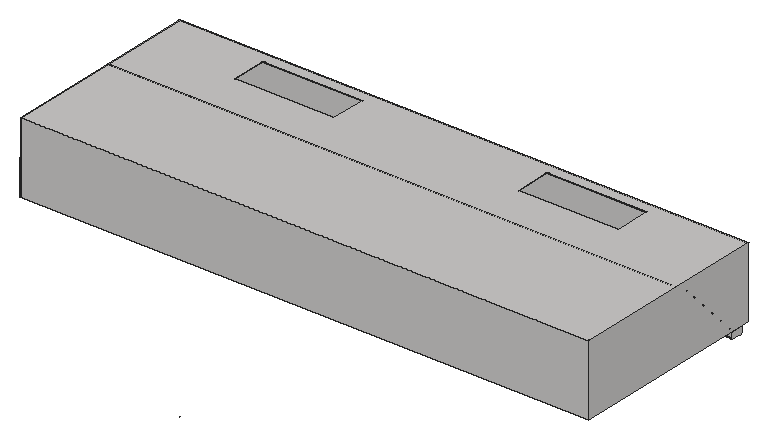
Revit family "QF_ELECTROLUXPROFESSIONAL_642029_EP1440T", category Specialty Equipment, Revit 2014
Reference planes
  plane 1: z = 0
  plane 2 "Center (Left/Right)": x = 150
  plane 3 "LEFT": x = -1850
  plane 4 "RIGHT": x = 2150
  plane 5 "BACK": y = 550
  plane 6 "TOP": z = 2500
  plane 7 "Base": z = 2000
  plane 8: z = 1926
  plane 9 "DrainY": y = 485
  plane 10: x = -1847
  plane 11: through (0, 414.509, 2000.8) normal (0, 0.7314, 0.682)
  plane 12: y = 470
  plane 13: y = 220
  plane 14 "DrainX": x = 2030
  plane 15: x = -500
  plane 16: x = 800
  plane 17: x = -1200
  plane 18: x = 1500
  plane 19: x = 2147
  plane 20: x = 1940
  plane 21: x = 2120
  plane 22: x = -1810
  plane 23: x = -1445
  plane 24: x = -1050
  plane 25: x = 2110
  plane 26: x = 1745
  plane 27: x = 1350
  plane 28: x = -47.5
  plane 29: x = 347.5
  plane 30: y = -850
  plane 31: y = -150
Forms (mm)
  Extrusion 1, solid, material "QF_Finishes_Stainless Steel"
    sketch origin (-1850, 0, 360) x (0, 1, 0) y (0, 0, 1)
      loop
        line (550, 1640) -> (550, 2140) -> (-850, 2140) -> (-850, 1640) -> (550, 1640)
    from 0 to 3
  Extrusion 2, solid, material "QF_Finishes_Stainless Steel"
    sketch origin (150, 0, 360) x (0, 1, 0) y (0, 0, 1)
      loop
        line (415.255, 1640) -> (550, 1640) -> (550, 2139.19) -> (549.2, 2139.19) -> (549.2, 1640.8) -> (415.876, 1640.8) -> (339.347, 1722.867) -> (349.609, 1732.436) -> (348.927, 1733.167) -> (337.934, 1722.917) -> (415.255, 1640)
      loop
        line (-82.203, 2139.19) -> (-82.203, 2118.6) -> (-31.047, 2118.6) -> (34.354, 2048.466) -> (46.028, 2059.352) -> (45.346, 2060.083) -> (34.403, 2049.879) -> (-30.612, 2119.6) -> (-81.203, 2119.6) -> (-81.203, 2139.19) -> (-82.203, 2139.19)
    from -1997 to 1997
  Extrusion 3, solid, material "QF_Finishes_Stainless Steel"
    sketch origin (2150, 0, 360) x (0, 1, 0) y (0, 0, 1)
      loop
        line (550, 1640) -> (550, 2140) -> (-850, 2140) -> (-850, 1640) -> (550, 1640)
    from 0 to -3
  Extrusion 4, solid, material "QF_Finishes_Stainless Steel"
    sketch origin (150, 0, 360) x (0, 1, 0) y (0, 0, 1)
      loop
        line (-850, 2140) -> (-850, 1640) -> (-849.2, 1640) -> (-849.2, 2139.19) -> (550, 2139.19) -> (550, 2140) -> (-850, 2140)
    from -2000 to 2000
  Extrusion 5, solid, material "QF_Finishes_Stainless Steel"
    sketch origin (150, 0, 360) x (0, 1, 0) y (0, 0, 1)
      loop
        line (534, 1640) -> (436, 1640) -> (436, 1627) -> (443.5, 1627) -> (443.5, 1576)
        arc (443.5, 1576) -> (446.429, 1568.929) -> (453.5, 1566) r 10
        line (453.5, 1566) -> (516.5, 1566)
        arc (516.5, 1566) -> (523.571, 1568.929) -> (526.5, 1576) r 10
        line (526.5, 1576) -> (526.5, 1627) -> (534, 1627) -> (534, 1640)
    from 1790 to 1970
  Extrusion 6, solid, material "QF_Finishes_Stainless Steel"
    sketch origin (0, 0, 2000) x (0, 1, 0) y (-1, 0, 0)
      loop
        circle (485, -2030) r 20
    from -76 to -74
  Extrusion 7, solid, material "QF_Finished_Chrome"
    sketch origin (150, 0, 360) x (0, 1, 0) y (0, 0, 1)
      loop
        line (337.934, 1722.917) -> (341.591, 1726.327) -> (38.011, 2051.876) -> (34.354, 2048.466) -> (337.934, 1722.917)
    from -1595 to -1960
  Extrusion 8, solid, material "QF_Finished_Chrome"
    sketch origin (150, 0, 360) x (0, 1, 0) y (0, 0, 1)
      loop
        line (337.934, 1722.917) -> (341.591, 1726.327) -> (38.011, 2051.876) -> (34.354, 2048.466) -> (337.934, 1722.917)
    from -197.5 to -1200
  Extrusion 9, solid, material "QF_Finishes_Stainless Steel"
    sketch origin (150, 0, 360) x (0, 1, 0) y (0, 0, 1)
      loop
        line (337.934, 1722.917) -> (341.591, 1726.327) -> (38.011, 2051.876) -> (34.354, 2048.466) -> (337.934, 1722.917)
    from 1997 to 1960
  Extrusion 10, solid, material "QF_Finishes_Stainless Steel"
    sketch origin (150, 0, 360) x (0, 1, 0) y (0, 0, 1)
      loop
        line (341.588, 1726.324) -> (38.009, 2051.874) -> (34.354, 2048.466) -> (337.934, 1722.917) -> (341.588, 1726.324)
    from -1595 to -1200
  Extrusion 11, solid, material "QF_Finished_Chrome"
    sketch origin (150, 0, 360) x (0, 1, 0) y (0, 0, 1)
      loop
        line (341.588, 1726.324) -> (38.009, 2051.874) -> (34.354, 2048.466) -> (337.934, 1722.917) -> (341.588, 1726.324)
    from 1595 to 1960
  Extrusion 12, void
    sketch origin (0, 0, 2500) x (0, 1, 0) y (-1, 0, 0)
      loop
        line (470, 1200) -> (220, 1200) -> (220, 500) -> (470, 500) -> (470, 1200)
    from 0 to -10
  Extrusion 13, void
    sketch origin (940, 0, 2500) x (0, 1, 0) y (-1, 0, 0)
      loop
        line (470, 140) -> (220, 140) -> (220, -560) -> (470, -560) -> (470, 140)
    from 0 to -10
  Extrusion 14, solid, material "QF_Finishes_Stainless Steel"
    sketch origin (0, 0, 0) x (1, 0, 0) y (0, 1, 0)
      loop
        line (-1850, 550) -> (-1850, 549) -> (-1849, 549) -> (-1849, 550) -> (-1850, 550)
    from 0 to 1
  Extrusion 15, solid, material "QF_Finishes_Stainless Steel"
    sketch origin (150, 0, 360) x (0, 1, 0) y (0, 0, 1)
      loop
        line (337.934, 1722.917) -> (341.591, 1726.327) -> (38.011, 2051.876) -> (34.354, 2048.466) -> (337.934, 1722.917)
    from -1960 to -1997
  Extrusion 16, solid, material "QF_Finishes_Stainless Steel"
    sketch origin (150, 0, 360) x (0, 1, 0) y (0, 0, -1)
      loop
        line (341.588, -1726.324) -> (337.934, -1722.917) -> (34.354, -2048.466) -> (38.009, -2051.874) -> (341.588, -1726.324)
    from -1595 to -1200
  Extrusion 17, solid, material "QF_Finished_Chrome"
    sketch origin (150, 0, 360) x (0, 1, 0) y (0, 0, 1)
      loop
        line (337.934, 1722.917) -> (341.591, 1726.327) -> (38.011, 2051.876) -> (34.354, 2048.466) -> (337.934, 1722.917)
    from 1200 to 197.5
  Extrusion 18, solid, material "QF_Finishes_Stainless Steel"
    sketch origin (150, 0, 360) x (0, 1, 0) y (0, 0, -1)
      loop
        line (341.588, -1726.324) -> (337.934, -1722.917) -> (34.354, -2048.466) -> (38.009, -2051.874) -> (341.588, -1726.324)
    from -197.5 to 197.5
Cuts and joins
  Extrusion 12, Extrusion 13 cuts Extrusion 4
  joined: Extrusion 2, Extrusion 4
Lines and regions (mm)
  reference lines
    curve 1: line (150, 34.354, 2408.466) -> (150, 34.354, 2248.466)
  symbolic lines, style "SpecialityEquipment", detail levels coarse
    curve 2: line (2150, 550, 2500) -> (-1850, 550, 2500)
    curve 3: line (-1850, 550, 2500) -> (-1850, -850, 2500)
    curve 4: line (2150, -850, 2500) -> (2150, 550, 2500)
    curve 5: line (-1850, -850, 2500) -> (2150, -850, 2500)
    curve 6: line (-1200, 220, 2500) -> (-500, 220, 2500)
    curve 7: line (-1200, 470, 2500) -> (-1200, 220, 2500)
    curve 8: line (-500, 470, 2500) -> (-1200, 470, 2500)
    curve 9: line (-500, 220, 2500) -> (-500, 470, 2500)
    curve 10: line (800, 470, 2500) -> (800, 220, 2500)
    curve 11: line (800, 220, 2500) -> (1500, 220, 2500)
    curve 12: line (1500, 470, 2500) -> (800, 470, 2500)
    curve 13: line (1500, 220, 2500) -> (1500, 470, 2500)
    curve 14: line (-1850, 550, 0) -> (2150, -850, 0)
    curve 15: line (2150, 550, 0) -> (-1850, -850, 0)
Dimensions and locks
  plane 3 "LEFT" to plane 4 "RIGHT" = 4000 mm
  equal spacing: plane 3 "LEFT", plane 2 "Center (Left/Right)", plane 4 "RIGHT"
  plane 7 "Base" to plane 8 = 74 mm
  plane 5 "BACK" to plane 9 "DrainY" = 65 mm  (x2)
  plane 3 "LEFT" to plane 10 = 3 mm
  plane 5 "BACK" to plane 12 = 80 mm
  plane 12 to plane 13 = 250 mm  (x2)
  plane 14 "DrainX" to plane 4 "RIGHT" = 120 mm
  locked: plane 15 to plane 16 at 1300
  equal spacing: plane 15, plane 2 "Center (Left/Right)", plane 16
  plane 17 to plane 15 = 700 mm
  plane 16 to plane 18 = 700 mm
  plane 19 to plane 4 "RIGHT" = 3 mm
  locked: plane 20 to plane 14 "DrainX" at 90
  locked: plane 14 "DrainX" to plane 21 at 90
  plane 12 to plane 5 "BACK" = 80 mm
  locked: plane 3 "LEFT" to plane 22 at 40
  locked: plane 22 to plane 23 at 365
  locked: plane 23 to plane 24 at 395
  locked: plane 25 to plane 26 at 365
  locked: plane 26 to plane 27 at 395
  locked: plane 25 to plane 4 "RIGHT" at 40
  locked: plane 28 to plane 29 at 395
  equal spacing: plane 28, plane 2 "Center (Left/Right)", plane 29
  plane 24 to plane 28 = 1002.5 mm
  plane 29 to plane 27 = 1002.5 mm
  locked: plane 7 "Base" to level at 2000
  locked: plane 6 "TOP" to plane 7 "Base" at 500
  plane 5 "BACK" to plane 30 = 1400 mm  (x2)
  equal spacing: plane 5 "BACK", plane 31, plane 30
  aligned and locked: level to plane 1
  aligned and locked: Extrusion 2 to Extrusion 1
  aligned and locked: Extrusion 2 to Extrusion 3
  aligned and locked: plane 4 "RIGHT" to Extrusion 4
  aligned and locked: Extrusion 4 to plane 3 "LEFT"
  aligned and locked: plane 19 to Extrusion 9
  aligned and locked: plane 17 to Extrusion 12
  aligned and locked: Extrusion 12 to plane 15
  aligned and locked: Extrusion 12 to plane 13
  aligned and locked: Extrusion 12 to plane 12
  aligned and locked: Extrusion 13 to plane 18
  aligned and locked: plane 16 to Extrusion 13
  aligned and locked: Extrusion 2 to Extrusion 4
  aligned and locked: plane 21 to Extrusion 5
  aligned and locked: Extrusion 5 to plane 20
  aligned and locked: Extrusion 9 to plane 25
  aligned and locked: Extrusion 11 to plane 25
  aligned and locked: Extrusion 11 to plane 26
  aligned and locked: Extrusion 8 to plane 24
  aligned and locked: plane 24 to Extrusion 10
  aligned and locked: Extrusion 10 to plane 23
  aligned and locked: plane 23 to Extrusion 7
  aligned and locked: Extrusion 7 to plane 22
  aligned and locked: Extrusion 15 to plane 10
  aligned and locked: plane 22 to Extrusion 15
  aligned and locked: Extrusion 16 to plane 27
  aligned and locked: Extrusion 16 to plane 26
  aligned and locked: Extrusion 3 to plane 19
  aligned and locked: plane 28 to Extrusion 8
  aligned and locked: Extrusion 17 to plane 27
  aligned and locked: Extrusion 17 to plane 29
  aligned and locked: plane 29 to Extrusion 18
  aligned and locked: Extrusion 18 to plane 28
Automatic sketch dimensions
  Extrusion 1 sketch curve to plane 7 "Base" = 0 mm
  Extrusion 1 sketch curve to plane 5 "BACK" = 0 mm
  Extrusion 1 sketch curve to plane 6 "TOP" = 0 mm
  Extrusion 2 sketch curve to plane 11 = 0 mm  (x3)
  Extrusion 2 sketch curve to plane 7 "Base" = 0 mm
  plane 11 to Extrusion 2 sketch curve = 0 mm
  Extrusion 2 sketch curve to plane 5 "BACK" = 0 mm
  Extrusion 2 sketch curve to Extrusion 2 sketch curve = 65.646 mm
  Extrusion 2 sketch curve to Extrusion 2 sketch curve = 0.682 mm  (x2)
  Extrusion 2 sketch curve to Extrusion 2 sketch curve = 10.261 mm
  plane 7 "Base" to Extrusion 2 sketch curve = 82.917 mm
  Extrusion 2 sketch curve to Extrusion 2 sketch curve = 10.942 mm
  Extrusion 2 sketch curve to Extrusion 2 sketch curve = 0.049 mm
  Extrusion 2 sketch curve to plane 6 "TOP" = 20.4 mm
  Extrusion 2 sketch curve to plane 6 "TOP" = 21.4 mm
  Extrusion 2 sketch curve to plane 6 "TOP" = 0.81 mm  (x2)
  Extrusion 2 sketch curve to Extrusion 2 sketch curve = 50.156 mm
  Extrusion 2 sketch curve to Extrusion 2 sketch curve = 1 mm
  plane 7 "Base" to Extrusion 2 sketch curve = 0.8 mm
  Extrusion 2 sketch curve to plane 5 "BACK" = 0.8 mm
  Extrusion 3 sketch curve to plane 7 "Base" = 0 mm
  Extrusion 3 sketch curve to plane 5 "BACK" = 0 mm
  Extrusion 3 sketch curve to plane 6 "TOP" = 0 mm
  Extrusion 4 sketch curve to plane 5 "BACK" = 0 mm
  Extrusion 4 sketch curve to plane 6 "TOP" = 0 mm
  Extrusion 4 sketch curve to plane 6 "TOP" = 0.81 mm
  curve 1 to plane 11 = 0 mm
  Extrusion 5 sketch curve to plane 7 "Base" = 0 mm
  Extrusion 5 sketch curve to plane 8 = 0 mm
  Extrusion 5 sketch curve to plane 7 "Base" = 13 mm  (x2)
  plane 12 to Extrusion 5 sketch curve = 34 mm
  Extrusion 5 sketch curve to Extrusion 5 sketch curve = 7.5 mm  (x2)
  Extrusion 5 sketch curve to Extrusion 5 sketch curve = 10 mm
  plane 9 "DrainY" to Extrusion 5 sketch curve = 31.5 mm
  Extrusion 5 sketch curve to plane 5 "BACK" = 23.5 mm
  Extrusion 6 sketch curve to plane 9 "DrainY" = 0 mm
  Extrusion 6 sketch curve to plane 14 "DrainX" = 0 mm
  Extrusion 7 sketch curve to plane 11 = 0 mm  (x2)
  Extrusion 7 sketch curve to Extrusion 7 sketch curve = 3.657 mm
  plane 7 "Base" to Extrusion 7 sketch curve = 82.917 mm
  Extrusion 8 sketch curve to plane 11 = 0 mm  (x2)
  Extrusion 8 sketch curve to Extrusion 8 sketch curve = 3.657 mm
  plane 7 "Base" to Extrusion 8 sketch curve = 82.917 mm
  Extrusion 9 sketch curve to plane 11 = 0 mm  (x2)
  Extrusion 9 sketch curve to Extrusion 9 sketch curve = 3.657 mm
  plane 7 "Base" to Extrusion 9 sketch curve = 82.917 mm
  Extrusion 10 sketch curve to plane 11 = 0 mm  (x2)
  Extrusion 10 sketch curve to Extrusion 10 sketch curve = 3.655 mm
  plane 7 "Base" to Extrusion 10 sketch curve = 82.917 mm
  Extrusion 11 sketch curve to plane 11 = 0 mm  (x2)
  Extrusion 11 sketch curve to Extrusion 11 sketch curve = 3.655 mm
  plane 7 "Base" to Extrusion 11 sketch curve = 82.917 mm
  Extrusion 12 sketch curve to plane 13 = 0 mm
  plane 12 to Extrusion 12 sketch curve = 0 mm
  Extrusion 12 sketch curve to plane 15 = 0 mm
  Extrusion 12 sketch curve to plane 17 = 0 mm
  Extrusion 13 sketch curve to plane 13 = 0 mm
  plane 12 to Extrusion 13 sketch curve = 0 mm
  Extrusion 13 sketch curve to plane 18 = 0 mm
  Extrusion 13 sketch curve to plane 16 = 0 mm
  Extrusion 14 sketch curve to plane 3 "LEFT" = 0 mm
  Extrusion 14 sketch curve to plane 5 "BACK" = 0 mm
  plane 3 "LEFT" to Extrusion 14 sketch curve = 1 mm
  Extrusion 14 sketch curve to Extrusion 14 sketch curve = 1 mm
  Extrusion 15 sketch curve to plane 11 = 0 mm  (x2)
  Extrusion 15 sketch curve to Extrusion 15 sketch curve = 3.657 mm
  plane 7 "Base" to Extrusion 15 sketch curve = 82.917 mm
  Extrusion 16 sketch curve to plane 11 = 0 mm  (x2)
  Extrusion 16 sketch curve to Extrusion 16 sketch curve = 3.655 mm
  plane 7 "Base" to Extrusion 16 sketch curve = 82.917 mm
  Extrusion 17 sketch curve to plane 11 = 0 mm  (x2)
  Extrusion 17 sketch curve to Extrusion 17 sketch curve = 3.657 mm
  plane 7 "Base" to Extrusion 17 sketch curve = 82.917 mm
  Extrusion 18 sketch curve to plane 11 = 0 mm  (x2)
  Extrusion 18 sketch curve to Extrusion 18 sketch curve = 3.655 mm
  plane 7 "Base" to Extrusion 18 sketch curve = 82.917 mm
  Extrusion 4 sketch curve to Extrusion 4 sketch curve = 499.19 mm
  curve 1 to curve 1 = 160 mm
  curve 5 to plane 3 "LEFT" = 0 mm
  curve 4 to plane 4 "RIGHT" = 0 mm
  curve 9 to plane 13 = 0 mm
  curve 10 to plane 13 = 0 mm
  plane 12 to curve 8 = 0 mm
  plane 12 to curve 12 = 0 mm
  curve 3 to plane 5 "BACK" = 0 mm
  curve 11 to plane 18 = 0 mm
  curve 10 to plane 16 = 0 mm
  curve 6 to plane 15 = 0 mm
  curve 6 to plane 17 = 0 mm
  Extrusion 4 sketch curve to Extrusion 4 sketch curve = 0.8 mm
  curve 5 to plane 13 = 1070 mm
  Extrusion 1 sketch curve to plane 13 = 1070 mm
  Extrusion 2 sketch curve to plane 6 "TOP" = 91.534 mm
  Extrusion 3 sketch curve to plane 13 = 1070 mm
  Extrusion 4 sketch curve to plane 13 = 1069.2 mm
  curve 1 to plane 13 = 185.646 mm
  Extrusion 7 sketch curve to plane 6 "TOP" = 88.124 mm
  Extrusion 8 sketch curve to plane 6 "TOP" = 88.124 mm
  Extrusion 9 sketch curve to plane 6 "TOP" = 88.124 mm
  Extrusion 10 sketch curve to plane 6 "TOP" = 88.126 mm
  Extrusion 11 sketch curve to plane 6 "TOP" = 88.126 mm
  Extrusion 15 sketch curve to plane 6 "TOP" = 88.124 mm
  Extrusion 16 sketch curve to plane 6 "TOP" = 88.126 mm
  Extrusion 17 sketch curve to plane 6 "TOP" = 88.124 mm
  Extrusion 18 sketch curve to plane 6 "TOP" = 88.126 mm
  curve 15 to plane 3 "LEFT" = 0 mm
  curve 14 to plane 3 "LEFT" = 0 mm
  curve 15 to plane 4 "RIGHT" = 0 mm
  curve 14 to plane 4 "RIGHT" = 0 mm
  curve 14 to plane 30 = 0 mm
  curve 15 to plane 30 = 0 mm
  curve 15 to plane 5 "BACK" = 0 mm
  curve 14 to plane 5 "BACK" = 0 mm
  radius of Extrusion 6 sketch curve = 20 mm
Connectors
  piping at (2030, 485, 1924), diameter 20
    settings: on Extrusion 6, index 1, connector inside diameter 609.6 mm, connector length 0 mm, flow factor 0, pipe flow 0.0 L/s, pressure drop 0.0 Pa, fitting loss kfactor 0, connector angle 0.00°, fixture units 0, engagement length 0 mm, angle of deflection 0.00°, flow configuration 1, flow direction 2, fitting loss method 0, system type 16, joint type 0, gender type 0, connector reference index -1, connector utility 0, adjustable connector no, is connector primary yes, connector description "Drain"
  hvac at (-850, 345, 2500)
    settings: on Extrusion 12, index 2, duct flow 0.0 L/s, flow factor 0, pres drop 0.0 Pa, loss coef 0, conn angle 0.00°, conn width 250 mm, conn height 700 mm, conn diameter 609.6 mm, duct sys type 3, conn prof type 1, flow config 1, flow direction 0, loss method 0, conn ref index -1, conn util no, is conn primary yes, conn desc "EXHAUST OUTLET"
  hvac at (1150, 345, 2500)
    settings: on Extrusion 13, index 3, duct flow 0.0 L/s, flow factor 0, pres drop 0.0 Pa, loss coef 0, conn angle 0.00°, conn width 250 mm, conn height 700 mm, conn diameter 609.6 mm, duct sys type 3, conn prof type 1, flow config 1, flow direction 0, loss method 0, conn ref index -1, conn util no, is conn primary no, conn desc "EXHAUST OUTLET"
